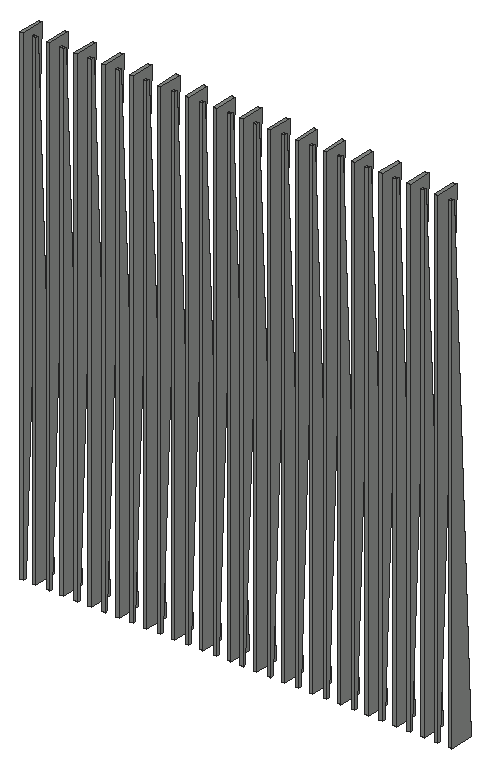
Revit family "Plug Surfaces 003", category Modelos genéricos, Revit 2020
Family settings
  Anfitrión = Muro
  Puede alojar armadura = No
  Cota de conector redondo = Diámetro de uso
  Tipo de pieza = Normal
  Siempre vertical = Sí
  Corte con vacíos al cargar = No
  Compartido = No
  Punto de cálculo de habitación = No
Parameters
  URL = "https://www.csiposhfelt.com/products/plug-surfaces-003"
  Modelo = "Plug Surfaces 003"
  Elevación por defecto = 0' - 0"
  Core Material = PSH002
  Comentarios de tipo = "CSI PoshFelt"
Reference planes (in)
  plane 1: y = 0
  plane 2 "Center (Left/Right)": x = 0
  plane 3 "Wall Edge": y = 3
Forms (in)
  SweptBlend 1, solid, material "PSH002" <- "Core Material"
    path in 3D
      loop
        line (-47, 3, 108) -> (-47, 3, 0)
    profile origin (-47, 3, 108) x (0, -1, 0) y (1, 0, 0)
      loop
        line (0, 0.375) -> (-5, 0.375) -> (-5, -0.375) -> (0, -0.375) -> (0, 0.375)
    end profile origin (-47, 3, 0) x (0, -1, 0) y (1, 0, 0)
      loop
        line (0, 0.375) -> (-0.5, 0.375) -> (-0.5, -0.375) -> (0, -0.375) -> (0, 0.375)
  SweptBlend 2, solid, material "PSH002" <- "Core Material"
    path in 3D
      loop
        line (-41.24167, 3, 108) -> (-41.24167, 3, 0)
    profile origin (-41.24167, 3, 108) x (0, -1, 0) y (1, 0, 0)
      loop
        line (0, 0.375) -> (-5, 0.375) -> (-5, -0.375) -> (0, -0.375) -> (0, 0.375)
    end profile origin (-41.24167, 3, 0) x (0, -1, 0) y (1, 0, 0)
      loop
        line (0, 0.375) -> (-0.5, 0.375) -> (-0.5, -0.375) -> (0, -0.375) -> (0, 0.375)
  SweptBlend 3, solid, material "PSH002" <- "Core Material"
    path in 3D
      loop
        line (-35.10833, 3, 108) -> (-35.10833, 3, 0)
    profile origin (-35.10833, 3, 108) x (0, -1, 0) y (1, 0, 0)
      loop
        line (0, 0.375) -> (-5, 0.375) -> (-5, -0.375) -> (0, -0.375) -> (0, 0.375)
    end profile origin (-35.10833, 3, 0) x (0, -1, 0) y (1, 0, 0)
      loop
        line (0, 0.375) -> (-0.5, 0.375) -> (-0.5, -0.375) -> (0, -0.375) -> (0, 0.375)
  SweptBlend 4, solid, material "PSH002" <- "Core Material"
    path in 3D
      loop
        line (-28.975, 3, 108) -> (-28.975, 3, 0)
    profile origin (-28.975, 3, 108) x (0, -1, 0) y (1, 0, 0)
      loop
        line (0, 0.375) -> (-5, 0.375) -> (-5, -0.375) -> (0, -0.375) -> (0, 0.375)
    end profile origin (-28.975, 3, 0) x (0, -1, 0) y (1, 0, 0)
      loop
        line (0, 0.375) -> (-0.5, 0.375) -> (-0.5, -0.375) -> (0, -0.375) -> (0, 0.375)
  SweptBlend 5, solid, material "PSH002" <- "Core Material"
    path in 3D
      loop
        line (-22.84167, 3, 108) -> (-22.84167, 3, 0)
    profile origin (-22.84167, 3, 108) x (0, -1, 0) y (1, 0, 0)
      loop
        line (0, 0.375) -> (-5, 0.375) -> (-5, -0.375) -> (0, -0.375) -> (0, 0.375)
    end profile origin (-22.84167, 3, 0) x (0, -1, 0) y (1, 0, 0)
      loop
        line (0, 0.375) -> (-0.5, 0.375) -> (-0.5, -0.375) -> (0, -0.375) -> (0, 0.375)
  SweptBlend 6, solid, material "PSH002" <- "Core Material"
    path in 3D
      loop
        line (-16.70833, 3, 108) -> (-16.70833, 3, 0)
    profile origin (-16.70833, 3, 108) x (0, -1, 0) y (1, 0, 0)
      loop
        line (0, 0.375) -> (-5, 0.375) -> (-5, -0.375) -> (0, -0.375) -> (0, 0.375)
    end profile origin (-16.70833, 3, 0) x (0, -1, 0) y (1, 0, 0)
      loop
        line (0, 0.375) -> (-0.5, 0.375) -> (-0.5, -0.375) -> (0, -0.375) -> (0, 0.375)
  SweptBlend 7, solid, material "PSH002" <- "Core Material"
    path in 3D
      loop
        line (-10.575, 3, 108) -> (-10.575, 3, 0)
    profile origin (-10.575, 3, 108) x (0, -1, 0) y (1, 0, 0)
      loop
        line (0, 0.375) -> (-5, 0.375) -> (-5, -0.375) -> (0, -0.375) -> (0, 0.375)
    end profile origin (-10.575, 3, 0) x (0, -1, 0) y (1, 0, 0)
      loop
        line (0, 0.375) -> (-0.5, 0.375) -> (-0.5, -0.375) -> (0, -0.375) -> (0, 0.375)
  SweptBlend 8, solid, material "PSH002" <- "Core Material"
    path in 3D
      loop
        line (-4.44167, 3, 108) -> (-4.44167, 3, 0)
    profile origin (-4.44167, 3, 108) x (0, -1, 0) y (1, 0, 0)
      loop
        line (0, 0.375) -> (-5, 0.375) -> (-5, -0.375) -> (0, -0.375) -> (0, 0.375)
    end profile origin (-4.44167, 3, 0) x (0, -1, 0) y (1, 0, 0)
      loop
        line (0, 0.375) -> (-0.5, 0.375) -> (-0.5, -0.375) -> (0, -0.375) -> (0, 0.375)
  SweptBlend 9, solid, material "PSH002" <- "Core Material"
    path in 3D
      loop
        line (-44.30833, 3, 108) -> (-44.30833, 3, 0)
    profile origin (-44.30833, 3, 108) x (0, -1, 0) y (1, 0, 0)
      loop
        line (0, 0.375) -> (-0.5, 0.375) -> (-0.5, -0.375) -> (0, -0.375) -> (0, 0.375)
    end profile origin (-44.30833, 3, 0) x (0, -1, 0) y (1, 0, 0)
      loop
        line (0, 0.375) -> (-5, 0.375) -> (-5, -0.375) -> (0, -0.375) -> (0, 0.375)
  SweptBlend 10, solid, material "PSH002" <- "Core Material"
    path in 3D
      loop
        line (-38.175, 3, 108) -> (-38.175, 3, 0)
    profile origin (-38.175, 3, 108) x (0, -1, 0) y (1, 0, 0)
      loop
        line (0, 0.375) -> (-0.5, 0.375) -> (-0.5, -0.375) -> (0, -0.375) -> (0, 0.375)
    end profile origin (-38.175, 3, 0) x (0, -1, 0) y (1, 0, 0)
      loop
        line (0, 0.375) -> (-5, 0.375) -> (-5, -0.375) -> (0, -0.375) -> (0, 0.375)
  SweptBlend 11, solid, material "PSH002" <- "Core Material"
    path in 3D
      loop
        line (-32.04167, 3, 108) -> (-32.04167, 3, 0)
    profile origin (-32.04167, 3, 108) x (0, -1, 0) y (1, 0, 0)
      loop
        line (0, 0.375) -> (-0.5, 0.375) -> (-0.5, -0.375) -> (0, -0.375) -> (0, 0.375)
    end profile origin (-32.04167, 3, 0) x (0, -1, 0) y (1, 0, 0)
      loop
        line (0, 0.375) -> (-5, 0.375) -> (-5, -0.375) -> (0, -0.375) -> (0, 0.375)
  SweptBlend 12, solid, material "PSH002" <- "Core Material"
    path in 3D
      loop
        line (-25.90833, 3, 108) -> (-25.90833, 3, 0)
    profile origin (-25.90833, 3, 108) x (0, -1, 0) y (1, 0, 0)
      loop
        line (0, 0.375) -> (-0.5, 0.375) -> (-0.5, -0.375) -> (0, -0.375) -> (0, 0.375)
    end profile origin (-25.90833, 3, 0) x (0, -1, 0) y (1, 0, 0)
      loop
        line (0, 0.375) -> (-5, 0.375) -> (-5, -0.375) -> (0, -0.375) -> (0, 0.375)
  SweptBlend 13, solid, material "PSH002" <- "Core Material"
    path in 3D
      loop
        line (-19.775, 3, 108) -> (-19.775, 3, 0)
    profile origin (-19.775, 3, 108) x (0, -1, 0) y (1, 0, 0)
      loop
        line (0, 0.375) -> (-0.5, 0.375) -> (-0.5, -0.375) -> (0, -0.375) -> (0, 0.375)
    end profile origin (-19.775, 3, 0) x (0, -1, 0) y (1, 0, 0)
      loop
        line (0, 0.375) -> (-5, 0.375) -> (-5, -0.375) -> (0, -0.375) -> (0, 0.375)
  SweptBlend 14, solid, material "PSH002" <- "Core Material"
    path in 3D
      loop
        line (-13.64167, 3, 108) -> (-13.64167, 3, 0)
    profile origin (-13.64167, 3, 108) x (0, -1, 0) y (1, 0, 0)
      loop
        line (0, 0.375) -> (-0.5, 0.375) -> (-0.5, -0.375) -> (0, -0.375) -> (0, 0.375)
    end profile origin (-13.64167, 3, 0) x (0, -1, 0) y (1, 0, 0)
      loop
        line (0, 0.375) -> (-5, 0.375) -> (-5, -0.375) -> (0, -0.375) -> (0, 0.375)
  SweptBlend 15, solid, material "PSH002" <- "Core Material"
    path in 3D
      loop
        line (-7.50833, 3, 108) -> (-7.50833, 3, 0)
    profile origin (-7.50833, 3, 108) x (0, -1, 0) y (1, 0, 0)
      loop
        line (0, 0.375) -> (-0.5, 0.375) -> (-0.5, -0.375) -> (0, -0.375) -> (0, 0.375)
    end profile origin (-7.50833, 3, 0) x (0, -1, 0) y (1, 0, 0)
      loop
        line (0, 0.375) -> (-5, 0.375) -> (-5, -0.375) -> (0, -0.375) -> (0, 0.375)
  SweptBlend 16, solid, material "PSH002" <- "Core Material"
    path in 3D
      loop
        line (-1.375, 3, 108) -> (-1.375, 3, 0)
    profile origin (-1.375, 3, 108) x (0, -1, 0) y (1, 0, 0)
      loop
        line (0, 0.375) -> (-0.5, 0.375) -> (-0.5, -0.375) -> (0, -0.375) -> (0, 0.375)
    end profile origin (-1.375, 3, 0) x (0, -1, 0) y (1, 0, 0)
      loop
        line (0, 0.375) -> (-5, 0.375) -> (-5, -0.375) -> (0, -0.375) -> (0, 0.375)
  SweptBlend 17, solid, material "PSH002" <- "Core Material"
    path in 3D
      loop
        line (1.375, 3, 108) -> (1.375, 3, 0)
    profile origin (1.375, 3, 108) x (0, -1, 0) y (1, 0, 0)
      loop
        line (0, 0.375) -> (-5, 0.375) -> (-5, -0.375) -> (0, -0.375) -> (0, 0.375)
    end profile origin (1.375, 3, 0) x (0, -1, 0) y (1, 0, 0)
      loop
        line (0, 0.375) -> (-0.5, 0.375) -> (-0.5, -0.375) -> (0, -0.375) -> (0, 0.375)
  SweptBlend 18, solid, material "PSH002" <- "Core Material"
    path in 3D
      loop
        line (7.50833, 3, 108) -> (7.50833, 3, 0)
    profile origin (7.50833, 3, 108) x (0, -1, 0) y (1, 0, 0)
      loop
        line (0, 0.375) -> (-5, 0.375) -> (-5, -0.375) -> (0, -0.375) -> (0, 0.375)
    end profile origin (7.50833, 3, 0) x (0, -1, 0) y (1, 0, 0)
      loop
        line (0, 0.375) -> (-0.5, 0.375) -> (-0.5, -0.375) -> (0, -0.375) -> (0, 0.375)
  SweptBlend 19, solid, material "PSH002" <- "Core Material"
    path in 3D
      loop
        line (13.64167, 3, 108) -> (13.64167, 3, 0)
    profile origin (13.64167, 3, 108) x (0, -1, 0) y (1, 0, 0)
      loop
        line (0, 0.375) -> (-5, 0.375) -> (-5, -0.375) -> (0, -0.375) -> (0, 0.375)
    end profile origin (13.64167, 3, 0) x (0, -1, 0) y (1, 0, 0)
      loop
        line (0, 0.375) -> (-0.5, 0.375) -> (-0.5, -0.375) -> (0, -0.375) -> (0, 0.375)
  SweptBlend 20, solid, material "PSH002" <- "Core Material"
    path in 3D
      loop
        line (19.775, 3, 108) -> (19.775, 3, 0)
    profile origin (19.775, 3, 108) x (0, -1, 0) y (1, 0, 0)
      loop
        line (0, 0.375) -> (-5, 0.375) -> (-5, -0.375) -> (0, -0.375) -> (0, 0.375)
    end profile origin (19.775, 3, 0) x (0, -1, 0) y (1, 0, 0)
      loop
        line (0, 0.375) -> (-0.5, 0.375) -> (-0.5, -0.375) -> (0, -0.375) -> (0, 0.375)
  SweptBlend 21, solid, material "PSH002" <- "Core Material"
    path in 3D
      loop
        line (25.90833, 3, 108) -> (25.90833, 3, 0)
    profile origin (25.90833, 3, 108) x (0, -1, 0) y (1, 0, 0)
      loop
        line (0, 0.375) -> (-5, 0.375) -> (-5, -0.375) -> (0, -0.375) -> (0, 0.375)
    end profile origin (25.90833, 3, 0) x (0, -1, 0) y (1, 0, 0)
      loop
        line (0, 0.375) -> (-0.5, 0.375) -> (-0.5, -0.375) -> (0, -0.375) -> (0, 0.375)
  SweptBlend 22, solid, material "PSH002" <- "Core Material"
    path in 3D
      loop
        line (32.04167, 3, 108) -> (32.04167, 3, 0)
    profile origin (32.04167, 3, 108) x (0, -1, 0) y (1, 0, 0)
      loop
        line (0, 0.375) -> (-5, 0.375) -> (-5, -0.375) -> (0, -0.375) -> (0, 0.375)
    end profile origin (32.04167, 3, 0) x (0, -1, 0) y (1, 0, 0)
      loop
        line (0, 0.375) -> (-0.5, 0.375) -> (-0.5, -0.375) -> (0, -0.375) -> (0, 0.375)
  SweptBlend 23, solid, material "PSH002" <- "Core Material"
    path in 3D
      loop
        line (38.175, 3, 108) -> (38.175, 3, 0)
    profile origin (38.175, 3, 108) x (0, -1, 0) y (1, 0, 0)
      loop
        line (0, 0.375) -> (-5, 0.375) -> (-5, -0.375) -> (0, -0.375) -> (0, 0.375)
    end profile origin (38.175, 3, 0) x (0, -1, 0) y (1, 0, 0)
      loop
        line (0, 0.375) -> (-0.5, 0.375) -> (-0.5, -0.375) -> (0, -0.375) -> (0, 0.375)
  SweptBlend 24, solid, material "PSH002" <- "Core Material"
    path in 3D
      loop
        line (44.30833, 3, 108) -> (44.30833, 3, 0)
    profile origin (44.30833, 3, 108) x (0, -1, 0) y (1, 0, 0)
      loop
        line (0, 0.375) -> (-5, 0.375) -> (-5, -0.375) -> (0, -0.375) -> (0, 0.375)
    end profile origin (44.30833, 3, 0) x (0, -1, 0) y (1, 0, 0)
      loop
        line (0, 0.375) -> (-0.5, 0.375) -> (-0.5, -0.375) -> (0, -0.375) -> (0, 0.375)
  SweptBlend 25, solid, material "PSH002" <- "Core Material"
    path in 3D
      loop
        line (4.44167, 3, 108) -> (4.44167, 3, 0)
    profile origin (4.44167, 3, 108) x (0, -1, 0) y (1, 0, 0)
      loop
        line (0, 0.375) -> (-0.5, 0.375) -> (-0.5, -0.375) -> (0, -0.375) -> (0, 0.375)
    end profile origin (4.44167, 3, 0) x (0, -1, 0) y (1, 0, 0)
      loop
        line (0, 0.375) -> (-5, 0.375) -> (-5, -0.375) -> (0, -0.375) -> (0, 0.375)
  SweptBlend 26, solid, material "PSH002" <- "Core Material"
    path in 3D
      loop
        line (10.575, 3, 108) -> (10.575, 3, 0)
    profile origin (10.575, 3, 108) x (0, -1, 0) y (1, 0, 0)
      loop
        line (0, 0.375) -> (-0.5, 0.375) -> (-0.5, -0.375) -> (0, -0.375) -> (0, 0.375)
    end profile origin (10.575, 3, 0) x (0, -1, 0) y (1, 0, 0)
      loop
        line (0, 0.375) -> (-5, 0.375) -> (-5, -0.375) -> (0, -0.375) -> (0, 0.375)
  SweptBlend 27, solid, material "PSH002" <- "Core Material"
    path in 3D
      loop
        line (16.70833, 3, 108) -> (16.70833, 3, 0)
    profile origin (16.70833, 3, 108) x (0, -1, 0) y (1, 0, 0)
      loop
        line (0, 0.375) -> (-0.5, 0.375) -> (-0.5, -0.375) -> (0, -0.375) -> (0, 0.375)
    end profile origin (16.70833, 3, 0) x (0, -1, 0) y (1, 0, 0)
      loop
        line (0, 0.375) -> (-5, 0.375) -> (-5, -0.375) -> (0, -0.375) -> (0, 0.375)
  SweptBlend 28, solid, material "PSH002" <- "Core Material"
    path in 3D
      loop
        line (22.84167, 3, 108) -> (22.84167, 3, 0)
    profile origin (22.84167, 3, 108) x (0, -1, 0) y (1, 0, 0)
      loop
        line (0, 0.375) -> (-0.5, 0.375) -> (-0.5, -0.375) -> (0, -0.375) -> (0, 0.375)
    end profile origin (22.84167, 3, 0) x (0, -1, 0) y (1, 0, 0)
      loop
        line (0, 0.375) -> (-5, 0.375) -> (-5, -0.375) -> (0, -0.375) -> (0, 0.375)
  SweptBlend 29, solid, material "PSH002" <- "Core Material"
    path in 3D
      loop
        line (28.975, 3, 108) -> (28.975, 3, 0)
    profile origin (28.975, 3, 108) x (0, -1, 0) y (1, 0, 0)
      loop
        line (0, 0.375) -> (-0.5, 0.375) -> (-0.5, -0.375) -> (0, -0.375) -> (0, 0.375)
    end profile origin (28.975, 3, 0) x (0, -1, 0) y (1, 0, 0)
      loop
        line (0, 0.375) -> (-5, 0.375) -> (-5, -0.375) -> (0, -0.375) -> (0, 0.375)
  SweptBlend 30, solid, material "PSH002" <- "Core Material"
    path in 3D
      loop
        line (35.10833, 3, 108) -> (35.10833, 3, 0)
    profile origin (35.10833, 3, 108) x (0, -1, 0) y (1, 0, 0)
      loop
        line (0, 0.375) -> (-0.5, 0.375) -> (-0.5, -0.375) -> (0, -0.375) -> (0, 0.375)
    end profile origin (35.10833, 3, 0) x (0, -1, 0) y (1, 0, 0)
      loop
        line (0, 0.375) -> (-5, 0.375) -> (-5, -0.375) -> (0, -0.375) -> (0, 0.375)
  SweptBlend 31, solid, material "PSH002" <- "Core Material"
    path in 3D
      loop
        line (41.24167, 3, 108) -> (41.24167, 3, 0)
    profile origin (41.24167, 3, 108) x (0, -1, 0) y (1, 0, 0)
      loop
        line (0, 0.375) -> (-0.5, 0.375) -> (-0.5, -0.375) -> (0, -0.375) -> (0, 0.375)
    end profile origin (41.24167, 3, 0) x (0, -1, 0) y (1, 0, 0)
      loop
        line (0, 0.375) -> (-5, 0.375) -> (-5, -0.375) -> (0, -0.375) -> (0, 0.375)
  SweptBlend 32, solid, material "PSH002" <- "Core Material"
    path in 3D
      loop
        line (47.375, 3, 108) -> (47.375, 3, 0)
    profile origin (47.375, 3, 108) x (0, -1, 0) y (1, 0, 0)
      loop
        line (0, 0.375) -> (-0.5, 0.375) -> (-0.5, -0.375) -> (0, -0.375) -> (0, 0.375)
    end profile origin (47.375, 3, 0) x (0, -1, 0) y (1, 0, 0)
      loop
        line (0, 0.375) -> (-5, 0.375) -> (-5, -0.375) -> (0, -0.375) -> (0, 0.375)
Lines and regions (in)
  sketch lines
    curve 1: line (-47, 3, 108) -> (-47, 3, 0)
    curve 2: line (-41.24167, 3, 108) -> (-41.24167, 3, 0)
    curve 3: line (-35.10833, 3, 108) -> (-35.10833, 3, 0)
    curve 4: line (-28.975, 3, 108) -> (-28.975, 3, 0)
    curve 5: line (-22.84167, 3, 108) -> (-22.84167, 3, 0)
    curve 6: line (-16.70833, 3, 108) -> (-16.70833, 3, 0)
    curve 7: line (-10.575, 3, 108) -> (-10.575, 3, 0)
    curve 8: line (-4.44167, 3, 108) -> (-4.44167, 3, 0)
    curve 9: line (-44.30833, 3, 108) -> (-44.30833, 3, 0)
    curve 10: line (-38.175, 3, 108) -> (-38.175, 3, 0)
    curve 11: line (-32.04167, 3, 108) -> (-32.04167, 3, 0)
    curve 12: line (-25.90833, 3, 108) -> (-25.90833, 3, 0)
    curve 13: line (-19.775, 3, 108) -> (-19.775, 3, 0)
    curve 14: line (-13.64167, 3, 108) -> (-13.64167, 3, 0)
    curve 15: line (-7.50833, 3, 108) -> (-7.50833, 3, 0)
    curve 16: line (-1.375, 3, 108) -> (-1.375, 3, 0)
    curve 17: line (1.375, 3, 108) -> (1.375, 3, 0)
    curve 18: line (7.50833, 3, 108) -> (7.50833, 3, 0)
    curve 19: line (13.64167, 3, 108) -> (13.64167, 3, 0)
    curve 20: line (19.775, 3, 108) -> (19.775, 3, 0)
    curve 21: line (25.90833, 3, 108) -> (25.90833, 3, 0)
    curve 22: line (32.04167, 3, 108) -> (32.04167, 3, 0)
    curve 23: line (38.175, 3, 108) -> (38.175, 3, 0)
    curve 24: line (44.30833, 3, 108) -> (44.30833, 3, 0)
    curve 25: line (4.44167, 3, 108) -> (4.44167, 3, 0)
    curve 26: line (10.575, 3, 108) -> (10.575, 3, 0)
    curve 27: line (16.70833, 3, 108) -> (16.70833, 3, 0)
    curve 28: line (22.84167, 3, 108) -> (22.84167, 3, 0)
    curve 29: line (28.975, 3, 108) -> (28.975, 3, 0)
    curve 30: line (35.10833, 3, 108) -> (35.10833, 3, 0)
    curve 31: line (41.24167, 3, 108) -> (41.24167, 3, 0)
    curve 32: line (47.375, 3, 108) -> (47.375, 3, 0)
Text (in)
  text "Placement Side" at (0, 40.15149, 123.01588), in view "Right"
  text "Placement Side" at (-70.3804, 28.46503, 0), in view "Ref. Level"
  text "Placement Side" at (0, 81.62555, 140.59947), in view "Left"
Dimensions and locks (in)
  locked: plane 3 "Wall Edge" to host wall
